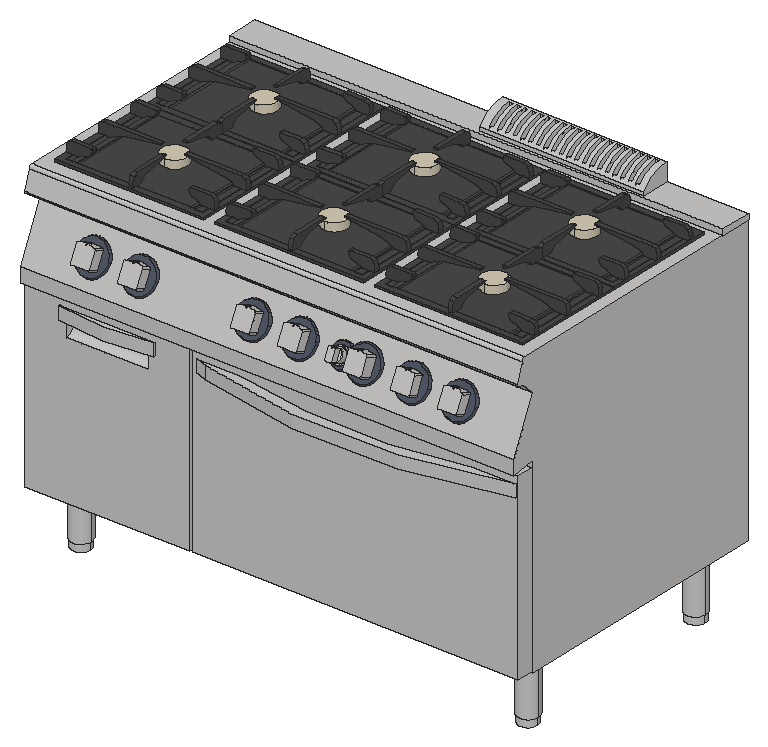
Revit family "QF_ZANUSSI_372005_Z7GCGL6C10", category Specialty Equipment, Revit 2018 (continued)
Lines and regions (mm)
  symbolic lines
    curve 239: line (680.5, -715, 0) -> (751.751, -715, 0)
    curve 240: line (837.75, -715, 0) -> (908.5, -715, 0)
    curve 241: line (954.5, -715, 0) -> (1023.5, -715, 0)
    curve 242: line (1069.5, -715, 0) -> (1200, -715, 0)
    curve 243: arc (634.5, -723.627, 0) -> (609.907, -720.053, 0) -> (585.574, -715, 0) r 411.457
  symbolic lines, style "QF-Clearances", visible <- "Show Clearance", detail levels coarse
    curve 9: line (-150, -715, 150) -> (-150, 150, 150)
    curve 10: line (-150, 150, 150) -> (1350, 150, 150)
    curve 11: line (1350, 150, 150) -> (1350, -715, 150)
  symbolic lines, not visible
    curve 110: line (225.433, -800.018, 0) -> (225.433, -824.365, 0)
    curve 111: arc (225.433, -824.365, 0) -> (225.579, -824.829, 0) -> (225.965, -825.125, 0) r 0.809
    curve 112: arc (225.965, -825.125, 0) -> (227.153, -825.605, 0) -> (228.43, -825.698, 0) r 4.127
    curve 113: arc (225.433, -804.311, 0) -> (220.392, -802.477, 0) -> (215.624, -800.018, 0) r 42.24
    curve 114: arc (225.433, -806.557, 0) -> (225.935, -805.836, 0) -> (226.732, -805.467, 0) r 1.682
    curve 115: arc (226.732, -805.467, 0) -> (237.035, -803.968, 0) -> (247.433, -803.459, 0) r 109.079
    curve 116: line (247.433, -800.018, 0) -> (247.433, -805.689, 0)
    curve 117: line (247.433, -805.689, 0) -> (249.433, -805.689, 0)
    curve 118: line (249.433, -805.689, 0) -> (249.433, -800.018, 0)
    curve 119: line (271.433, -800.018, 0) -> (271.433, -824.365, 0)
    curve 120: arc (271.433, -824.365, 0) -> (271.287, -824.829, 0) -> (270.901, -825.125, 0) r 0.809
    curve 121: arc (270.901, -825.125, 0) -> (269.713, -825.605, 0) -> (268.436, -825.698, 0) r 4.127
    curve 122: arc (271.433, -804.311, 0) -> (276.474, -802.477, 0) -> (281.242, -800.018, 0) r 42.24
    curve 123: arc (271.433, -806.557, 0) -> (270.931, -805.836, 0) -> (270.133, -805.467, 0) r 1.682
    curve 124: arc (270.133, -805.467, 0) -> (259.831, -803.968, 0) -> (249.433, -803.459, 0) r 109.079
    curve 125: line (228.43, -825.698, 0) -> (268.436, -825.698, 0)
  symbolic lines, style "SpecialityEquipment"
    curve 234: line (0, -700, 0) -> (1200, -700, 0)
Dimensions and locks
  equal spacing: plane 3 "LEFT", plane 7 "Center Y", plane 4 "RIGHT"
  "Width": plane 3 "LEFT" to plane 4 "RIGHT"
  equal spacing: plane 5 "FRONT", plane 8 "Center X", plane 1 "BACK"
  "Depth": plane 11 to plane 1 "BACK"
  "Height": plane 6 "TOP" to level
  plane 9 "Base" to level = 150.00 mm
  plane 6 "TOP" to plane 10 = 58.00 mm  (x2)
  plane 1 "BACK" to plane 11 = 715.00 mm
  plane 1 "BACK" to plane 12 = 1109.00 mm
  aligned and locked: level to plane 2
Automatic sketch dimensions
  curve 232 to curve 233 = 0.00 mm  (x2)
  curve 234 to plane 3 "LEFT" = 0.00 mm
  curve 235 to plane 3 "LEFT" = 0.00 mm
  plane 11 to curve 235 = 0.00 mm
  plane 11 to curve 236 = 0.00 mm
  plane 11 to curve 237 = 0.00 mm
  plane 11 to curve 238 = 0.00 mm
  plane 11 to curve 239 = 0.00 mm
  plane 11 to curve 222 = 0.00 mm
  plane 5 "FRONT" to curve 218 = 0.00 mm
  plane 11 to curve 240 = 0.00 mm
  plane 11 to curve 241 = 0.00 mm
  plane 11 to curve 242 = 0.00 mm
  curve 242 to plane 4 "RIGHT" = 0.00 mm
  curve 234 to plane 4 "RIGHT" = 0.00 mm
  plane 8 "Center X" to curve 243 = 35.153 mm
  plane 7 "Center Y" to curve 243 = 81.355 mm
  plane 11 to curve 215 = 9.347 mm
  plane 7 "Center Y" to curve 215 = 191.75 mm
  curve 216 to curve 216 = 0.809 mm
  curve 219 to curve 219 = 1.583 mm
  curve 216 to curve 217 = 1.846 mm
  curve 216 to curve 221 = 2.189 mm
  curve 215 to curve 218 = 11.892 mm
  plane 7 "Center Y" to curve 232 = 204.25 mm
  plane 5 "FRONT" to curve 214 = 5.671 mm
  curve 219 to curve 214 = 20.417 mm
  curve 221 to curve 220 = 19.134 mm
  curve 220 to curve 211 = 1.738 mm
  curve 213 to curve 212 = 2.00 mm
  curve 218 to curve 209 = 22.215 mm
  curve 212 to curve 221 = 19.003 mm
  curve 221 to curve 208 = 0.343 mm
  curve 208 to curve 210 = 1.071 mm
  curve 221 to curve 207 = 2.189 mm
  curve 207 to curve 206 = 0.809 mm
  curve 207 to curve 240 = 9.347 mm
  curve 221 to curve 207 = 1.333 mm
  curve 220 to curve 221 = 86.839 mm
  curve 220 to curve 211 = 0.00 mm
  curve 216 to curve 217 = 2.779 mm
  curve 207 to curve 208 = 2.779 mm
  plane 5 "FRONT" to curve 210 = 7.106 mm
  plane 5 "FRONT" to curve 219 = 7.106 mm
  curve 209 to plane 5 "FRONT" = 36.239 mm
  curve 218 to curve 209 = 0.00 mm
  curve 232 to plane 1 "BACK" = 537.50 mm
  plane 14 to curve 235 = 46.999 mm
  plane 14 to curve 236 = 0.999 mm
  curve 236 to plane 14 = 68.001 mm
  curve 236 to curve 237 = 45.871 mm
  curve 232 to plane 7 "Center Y" = 134.498 mm
  curve 232 to curve 237 = 53.998 mm
  curve 238 to plane 7 "Center Y" = 34.50 mm
  curve 243 to plane 7 "Center Y" = 14.426 mm
  plane 7 "Center Y" to curve 238 = 34.50 mm
  curve 243 to curve 238 = 0.00 mm
  curve 243 to curve 233 = 16.02 mm
  curve 233 to curve 239 = 29.98 mm
  curve 239 to curve 222 = 39.999 mm
  curve 239 to curve 222 = 15.995 mm
  curve 218 to curve 215 = 9.809 mm
  curve 219 to curve 219 = 0.284 mm
  curve 210 to curve 211 = 0.284 mm
  curve 206 to curve 209 = 9.809 mm
  curve 209 to curve 240 = 60.941 mm
  curve 240 to curve 241 = 46.00 mm
  plane 11 to curve 233 = 0.969 mm
  curve 241 to curve 233 = 69.00 mm
  curve 241 to curve 233 = 0.00 mm
  curve 241 to curve 242 = 46.00 mm
  curve 210 to curve 210 = 0.567 mm
  curve 219 to curve 219 = 0.567 mm
  Revolve 1 sketch curve to plane 9 "Base" = 0.00 mm  (x2)
  Revolve 1 sketch curve to level = 0.00 mm
  plane 3 "LEFT" to Revolve 1 sketch curve = 30.60 mm
  Revolve 1 sketch curve to Revolve 1 sketch curve = 2.50 mm
  Revolve 1 sketch curve to Revolve 1 sketch curve = 25.40 mm
  level to Revolve 1 sketch curve = 19.05 mm
  Revolve 1 sketch curve to Revolve 1 sketch curve = 0.00 mm
  plane 9 "Base" to Revolve 1 sketch curve = 20.00 mm
  Revolve 2 sketch curve to plane 9 "Base" = 0.00 mm  (x2)
  Revolve 2 sketch curve to level = 0.00 mm
  plane 3 "LEFT" to Revolve 2 sketch curve = 30.60 mm
  Revolve 2 sketch curve to Revolve 2 sketch curve = 2.50 mm
  Revolve 2 sketch curve to Revolve 2 sketch curve = 25.40 mm
  level to Revolve 2 sketch curve = 19.05 mm
  Revolve 2 sketch curve to Revolve 2 sketch curve = 0.00 mm
  plane 9 "Base" to Revolve 2 sketch curve = 20.00 mm
  Revolve 3 sketch curve to plane 9 "Base" = 0.00 mm  (x2)
  Revolve 3 sketch curve to level = 0.00 mm
  Revolve 3 sketch curve to plane 4 "RIGHT" = 30.60 mm
  Revolve 3 sketch curve to Revolve 3 sketch curve = 2.50 mm
  Revolve 3 sketch curve to Revolve 3 sketch curve = 25.40 mm
  level to Revolve 3 sketch curve = 19.05 mm
  Revolve 3 sketch curve to Revolve 3 sketch curve = 0.00 mm
  plane 9 "Base" to Revolve 3 sketch curve = 20.00 mm
  Revolve 4 sketch curve to plane 9 "Base" = 0.00 mm  (x2)
  Revolve 4 sketch curve to level = 0.00 mm
  Revolve 4 sketch curve to plane 4 "RIGHT" = 30.60 mm
  Revolve 4 sketch curve to Revolve 4 sketch curve = 2.50 mm
  Revolve 4 sketch curve to Revolve 4 sketch curve = 25.40 mm
  level to Revolve 4 sketch curve = 19.05 mm
  Revolve 4 sketch curve to Revolve 4 sketch curve = 0.00 mm
  plane 9 "Base" to Revolve 4 sketch curve = 20.00 mm
  Extrusion 5 sketch curve to plane 11 = 0.00 mm
  Extrusion 5 sketch curve to plane 5 "FRONT" = 0.00 mm
  Extrusion 5 sketch curve to plane 10 = 0.00 mm
  Extrusion 5 sketch curve to plane 9 "Base" = 0.00 mm
  Extrusion 5 sketch curve to plane 1 "BACK" = 0.00 mm
  Extrusion 5 sketch curve to plane 5 "FRONT" = 0.116 mm
  Extrusion 5 sketch curve to Extrusion 5 sketch curve = 2.884 mm
  Extrusion 5 sketch curve to plane 5 "FRONT" = 13.167 mm
  Extrusion 5 sketch curve to Extrusion 5 sketch curve = 10.198 mm
  Extrusion 5 sketch curve to Extrusion 5 sketch curve = 7.474 mm
  plane 9 "Base" to Extrusion 5 sketch curve = 5.00 mm
  Extrusion 5 sketch curve to plane 5 "FRONT" = 40.00 mm
  Extrusion 5 sketch curve to Extrusion 5 sketch curve = 1.355 mm
  Extrusion 5 sketch curve to Extrusion 5 sketch curve = 0.445 mm
  Extrusion 5 sketch curve to Extrusion 5 sketch curve = 5.00 mm
  Extrusion 5 sketch curve to Extrusion 5 sketch curve = 31.82 mm  (x2)
  Extrusion 5 sketch curve to Extrusion 5 sketch curve = 242.526 mm
  Extrusion 5 sketch curve to Extrusion 5 sketch curve = 5.508 mm
  Extrusion 5 sketch curve to Extrusion 5 sketch curve = 10.259 mm
  Extrusion 5 sketch curve to Extrusion 5 sketch curve = 35.00 mm
  Extrusion 5 sketch curve to Extrusion 5 sketch curve = 81.162 mm
  Extrusion 5 sketch curve to Extrusion 5 sketch curve = 3.00 mm
  Extrusion 6 sketch curve to plane 10 = 0.00 mm
  Extrusion 6 sketch curve to plane 1 "BACK" = 0.00 mm
  plane 10 to Extrusion 6 sketch curve = 14.288 mm
  plane 1 "BACK" to Extrusion 6 sketch curve = 76.20 mm
  Extrusion 7 sketch curve to plane 4 "RIGHT" = 52.387 mm
  Extrusion 7 sketch curve to plane 8 "Center X" = 114.00 mm
  Extrusion 8 sketch curve to plane 12 = 0.00 mm
  Extrusion 8 sketch curve to plane 5 "FRONT" = 0.00 mm
  plane 9 "Base" to Extrusion 8 sketch curve = 6.458 mm
  Extrusion 8 sketch curve to plane 5 "FRONT" = 35.998 mm
  plane 9 "Base" to Extrusion 8 sketch curve = 5.00 mm
  plane 11 to curve 11 = 0.00 mm
  curve 3 to plane 4 "RIGHT" = 0.00 mm
  plane 1 "BACK" to curve 92 = 0.00 mm
  plane 11 to curve 245 = 0.00 mm
  plane 12 to curve 245 = 0.00 mm
  plane 11 to curve 244 = 0.00 mm
  curve 1 to plane 3 "LEFT" = 0.00 mm
  plane 11 to curve 9 = 0.00 mm
  plane 11 to curve 1 = 0.00 mm
  plane 11 to curve 3 = 0.00 mm
  plane 4 "RIGHT" to curve 10 = 150.00 mm
  plane 1 "BACK" to curve 60 = 63.911 mm
  curve 60 to plane 4 "RIGHT" = 212.447 mm
  curve 60 to curve 63 = 9.296 mm
  curve 62 to curve 64 = 9.397 mm
  curve 64 to curve 65 = 9.296 mm
  curve 65 to curve 68 = 9.397 mm
  curve 68 to curve 69 = 9.296 mm
  curve 70 to curve 72 = 9.397 mm
  curve 72 to curve 74 = 9.296 mm
  curve 73 to curve 77 = 9.397 mm
  curve 76 to curve 77 = 9.296 mm
  curve 77 to curve 81 = 9.397 mm
  curve 80 to curve 82 = 9.296 mm
  curve 82 to curve 87 = 9.397 mm
  curve 84 to curve 86 = 9.296 mm
  curve 86 to curve 91 = 9.397 mm
  curve 88 to curve 91 = 9.296 mm
  curve 89 to curve 16 = 9.397 mm
  curve 16 to curve 18 = 9.296 mm
  curve 18 to curve 23 = 9.397 mm
  curve 20 to curve 22 = 9.296 mm
  curve 22 to curve 24 = 9.397 mm
  curve 24 to curve 26 = 9.296 mm
  curve 26 to curve 31 = 9.397 mm
  curve 28 to curve 29 = 9.296 mm
  curve 29 to curve 32 = 9.397 mm
  curve 32 to curve 34 = 9.296 mm
  curve 34 to curve 36 = 9.397 mm
  curve 36 to curve 38 = 9.296 mm
  curve 38 to curve 40 = 9.397 mm
  curve 40 to curve 41 = 9.296 mm
  curve 41 to curve 44 = 9.397 mm
  curve 44 to curve 45 = 9.296 mm
  curve 45 to curve 48 = 9.397 mm
  curve 48 to curve 50 = 9.296 mm
  curve 49 to curve 53 = 9.397 mm
  curve 52 to curve 54 = 9.296 mm
  curve 54 to curve 56 = 9.397 mm
  curve 56 to curve 57 = 9.296 mm
  curve 58 to curve 15 = 9.397 mm
  curve 12 to curve 14 = 9.296 mm
  curve 9 to plane 3 "LEFT" = 150.00 mm
  curve 11 to plane 1 "BACK" = 150.00 mm
  plane 1 "BACK" to curve 86 = 6.761 mm
  plane 1 "BACK" to curve 83 = 6.761 mm
  plane 1 "BACK" to curve 88 = 6.761 mm
  plane 1 "BACK" to curve 12 = 6.761 mm
  plane 1 "BACK" to curve 79 = 6.761 mm
  plane 1 "BACK" to curve 16 = 6.761 mm
  plane 1 "BACK" to curve 75 = 6.761 mm
  plane 1 "BACK" to curve 20 = 6.761 mm
  plane 1 "BACK" to curve 71 = 6.761 mm
  plane 1 "BACK" to curve 24 = 6.761 mm
  plane 1 "BACK" to curve 67 = 6.761 mm
  plane 1 "BACK" to curve 28 = 6.761 mm
  plane 1 "BACK" to curve 63 = 6.761 mm
  plane 1 "BACK" to curve 32 = 6.761 mm
  plane 1 "BACK" to curve 59 = 6.761 mm
  plane 1 "BACK" to curve 36 = 6.761 mm
  plane 1 "BACK" to curve 55 = 6.761 mm
  plane 1 "BACK" to curve 40 = 6.761 mm
  plane 1 "BACK" to curve 51 = 6.761 mm
  plane 1 "BACK" to curve 44 = 6.761 mm
  curve 46 to curve 46 = 57.15 mm
  curve 44 to curve 42 = 0.00 mm
  curve 90 to curve 90 = 57.15 mm
  curve 49 to curve 45 = 0.00 mm
  curve 40 to curve 38 = 0.00 mm
  curve 52 to curve 49 = 0.00 mm
  curve 36 to curve 34 = 0.00 mm
  curve 56 to curve 53 = 0.00 mm
  curve 32 to curve 30 = 0.00 mm
  curve 28 to curve 26 = 0.00 mm
  curve 64 to curve 61 = 0.00 mm
  curve 24 to curve 22 = 0.00 mm
  curve 68 to curve 65 = 0.00 mm
  curve 20 to curve 18 = 0.00 mm
  curve 72 to curve 69 = 0.00 mm
  curve 14 to curve 57 = 0.00 mm
  curve 76 to curve 73 = 0.00 mm
  curve 80 to curve 77 = 0.00 mm
  curve 88 to curve 86 = 0.00 mm
  curve 92 to curve 60 = 14.847 mm
  plane 7 "Center Y" to curve 93 = 2.40 mm
  curve 245 to plane 7 "Center Y" = 191.50 mm
  curve 245 to curve 244 = 8.00 mm
  curve 7 to curve 5 = 69.85 mm
  curve 5 to curve 6 = 6.35 mm
  plane 1 "BACK" to Extrusion 9 sketch curve = 63.911 mm  (x2)
  Extrusion 9 sketch curve to plane 4 "RIGHT" = 212.447 mm
  Extrusion 9 sketch curve to Extrusion 9 sketch curve = 9.296 mm  (x20)
  Extrusion 9 sketch curve to Extrusion 9 sketch curve = 9.397 mm  (x19)
  Extrusion 9 sketch curve to Extrusion 9 sketch curve = 0.00 mm  (x18)
  plane 1 "BACK" to Extrusion 9 sketch curve = 6.761 mm  (x20)
  Extrusion 10 sketch curve to plane 1 "BACK" = 0.00 mm
  Extrusion 10 sketch curve to plane 6 "TOP" = 0.00 mm
  plane 1 "BACK" to Extrusion 10 sketch curve = 1.769 mm
  plane 10 to Extrusion 10 sketch curve = 23.813 mm
  plane 1 "BACK" to Extrusion 10 sketch curve = 69.85 mm
  plane 10 to Extrusion 10 sketch curve = 14.288 mm
  Blend 11 sketch curve to plane 7 "Center Y" = 57.50 mm  (x2)
  Extrusion 12 sketch curve to plane 7 "Center Y" = 80.50 mm
  Extrusion 12 sketch curve to Extrusion 12 sketch curve = 2.997 mm  (x3)
  Extrusion 12 sketch curve to Extrusion 12 sketch curve = 20.003 mm  (x2)
  Extrusion 12 sketch curve to plane 7 "Center Y" = 37.497 mm
  Extrusion 12 sketch curve to Extrusion 12 sketch curve = 5.399 mm
  Extrusion 12 sketch curve to Extrusion 12 sketch curve = 40.037 mm
  Extrusion 12 sketch curve to Extrusion 12 sketch curve = 0.00 mm  (x2)
  plane 13 "panel" to Extrusion 13 sketch curve = 35.00 mm
  plane 5 "FRONT" to Extrusion 13 sketch curve = 5.671 mm
  Extrusion 13 sketch curve to Extrusion 13 sketch curve = 3.00 mm
  Extrusion 13 sketch curve to Extrusion 13 sketch curve = 0.00 mm  (x2)
  Extrusion 13 sketch curve to Extrusion 13 sketch curve = 1.00 mm
  Extrusion 13 sketch curve to Extrusion 13 sketch curve = 15.00 mm
  Extrusion 14 sketch curve to plane 7 "Center Y" = 75.00 mm
  Extrusion 14 sketch curve to Extrusion 14 sketch curve = 35.00 mm  (x2)
  plane 13 "panel" to Extrusion 15 sketch curve = 35.00 mm
  plane 5 "FRONT" to Extrusion 15 sketch curve = 5.671 mm
  Extrusion 15 sketch curve to Extrusion 15 sketch curve = 3.00 mm
  Extrusion 15 sketch curve to Extrusion 15 sketch curve = 0.00 mm
  Extrusion 15 sketch curve to Extrusion 15 sketch curve = 1.00 mm  (x2)
  Extrusion 15 sketch curve to Extrusion 15 sketch curve = 15.00 mm
  plane 7 "Center Y" to Extrusion 16 sketch curve = 75.00 mm
  Extrusion 16 sketch curve to Extrusion 16 sketch curve = 35.00 mm  (x2)
  plane 7 "Center Y" to Blend 17 sketch curve = 57.50 mm  (x2)
  plane 7 "Center Y" to Extrusion 18 sketch curve = 80.50 mm
  Extrusion 18 sketch curve to Extrusion 18 sketch curve = 2.997 mm  (x3)
  Extrusion 18 sketch curve to Extrusion 18 sketch curve = 20.003 mm  (x2)
  plane 7 "Center Y" to Extrusion 18 sketch curve = 37.497 mm
  Extrusion 18 sketch curve to Extrusion 18 sketch curve = 0.00 mm  (x2)
  Extrusion 18 sketch curve to Extrusion 18 sketch curve = 40.037 mm
  Extrusion 18 sketch curve to Extrusion 18 sketch curve = 5.399 mm
  Split face 2 sketch curve to Split face 2 sketch curve = 6.00 mm
  Split face 2 sketch curve to Split face 2 sketch curve = 10.00 mm
  Split face 3 sketch curve to Split face 3 sketch curve = 5.00 mm
  Split face 3 sketch curve to Split face 3 sketch curve = 9.00 mm
  Split face 4 sketch curve to Split face 4 sketch curve = 5.00 mm
  Split face 5 sketch curve to Split face 5 sketch curve = 5.00 mm
  Split face 6 sketch curve to Split face 6 sketch curve = 6.00 mm
  Split face 6 sketch curve to Split face 6 sketch curve = 10.00 mm
  Split face 7 sketch curve to Split face 7 sketch curve = 5.00 mm
  Split face 7 sketch curve to Split face 7 sketch curve = 9.00 mm
  Split face 8 sketch curve to Split face 8 sketch curve = 5.00 mm
  Split face 9 sketch curve to Split face 9 sketch curve = 5.00 mm
  plane 7 "Center Y" to Blend 19 sketch curve = 161.75 mm  (x2)
  Blend 19 sketch curve to Blend 19 sketch curve = 53.00 mm  (x2)
  Blend 19 sketch curve to Blend 19 sketch curve = 0.00 mm  (x2)
  Blend 19 sketch curve to Blend 19 sketch curve = 17.95 mm
  Blend 19 sketch curve to Blend 19 sketch curve = 24.037 mm
  Blend 19 sketch curve to Blend 19 sketch curve = 18.422 mm
  Blend 19 sketch curve to Blend 19 sketch curve = 21.086 mm
  plane 7 "Center Y" to Extrusion 20 sketch curve = 159.749 mm
  plane 13 "panel" to Extrusion 21 sketch curve = 40.00 mm
  plane 7 "Center Y" to Extrusion 21 sketch curve = 142.857 mm
  Extrusion 21 sketch curve to Extrusion 21 sketch curve = 6.058 mm
  Extrusion 21 sketch curve to Extrusion 21 sketch curve = 0.01 mm  (x4)
  Extrusion 21 sketch curve to Extrusion 21 sketch curve = 8.895 mm  (x2)
  Extrusion 21 sketch curve to Extrusion 21 sketch curve = 15.995 mm
  Extrusion 21 sketch curve to Extrusion 21 sketch curve = 2.827 mm
  Extrusion 21 sketch curve to Extrusion 21 sketch curve = 15.163 mm
  Extrusion 21 sketch curve to Extrusion 21 sketch curve = 0.00 mm
  Extrusion 21 sketch curve to Extrusion 21 sketch curve = 15.173 mm
  plane 7 "Center Y" to Extrusion 22 sketch curve = 191.75 mm
  Extrusion 22 sketch curve to Extrusion 22 sketch curve = 2.997 mm  (x3)
  Extrusion 22 sketch curve to Extrusion 22 sketch curve = 20.003 mm  (x2)
  Extrusion 22 sketch curve to Extrusion 22 sketch curve = 40.005 mm
  Extrusion 22 sketch curve to Extrusion 22 sketch curve = 5.399 mm
  Extrusion 22 sketch curve to Extrusion 22 sketch curve = 40.037 mm
  Extrusion 22 sketch curve to Extrusion 22 sketch curve = 0.00 mm  (x2)
  Split face 43 sketch curve to Split face 43 sketch curve = 2.545 mm
  Split face 43 sketch curve to Split face 43 sketch curve = 4.379 mm
  Blend 23 sketch curve to plane 4 "RIGHT" = 268.50 mm  (x2)
  Extrusion 24 sketch curve to plane 4 "RIGHT" = 291.50 mm
  Extrusion 24 sketch curve to Extrusion 24 sketch curve = 2.997 mm  (x3)
  Extrusion 24 sketch curve to Extrusion 24 sketch curve = 20.003 mm  (x2)
  Extrusion 24 sketch curve to Extrusion 24 sketch curve = 40.005 mm
  Extrusion 24 sketch curve to Extrusion 24 sketch curve = 5.399 mm
  Extrusion 24 sketch curve to Extrusion 24 sketch curve = 40.037 mm
  Extrusion 24 sketch curve to Extrusion 24 sketch curve = 0.00 mm  (x2)
  plane 13 "panel" to Extrusion 25 sketch curve = 35.00 mm
  plane 5 "FRONT" to Extrusion 25 sketch curve = 5.671 mm
  Extrusion 25 sketch curve to Extrusion 25 sketch curve = 3.00 mm
  Extrusion 25 sketch curve to Extrusion 25 sketch curve = 0.00 mm  (x2)
  Extrusion 25 sketch curve to Extrusion 25 sketch curve = 1.00 mm
  Extrusion 25 sketch curve to Extrusion 25 sketch curve = 15.00 mm
  Extrusion 26 sketch curve to plane 4 "RIGHT" = 286.00 mm
  Extrusion 26 sketch curve to Extrusion 26 sketch curve = 35.00 mm  (x2)
  plane 13 "panel" to Extrusion 27 sketch curve = 35.00 mm
  plane 5 "FRONT" to Extrusion 27 sketch curve = 5.671 mm
  Extrusion 27 sketch curve to Extrusion 27 sketch curve = 3.00 mm
  Extrusion 27 sketch curve to Extrusion 27 sketch curve = 0.00 mm
  Extrusion 27 sketch curve to Extrusion 27 sketch curve = 1.00 mm  (x2)
  Extrusion 27 sketch curve to Extrusion 27 sketch curve = 15.00 mm
  Extrusion 28 sketch curve to plane 4 "RIGHT" = 136.00 mm
  Extrusion 28 sketch curve to Extrusion 28 sketch curve = 35.00 mm  (x2)
  Blend 29 sketch curve to plane 4 "RIGHT" = 153.50 mm  (x2)
  Extrusion 30 sketch curve to plane 4 "RIGHT" = 130.50 mm
  Extrusion 30 sketch curve to Extrusion 30 sketch curve = 2.997 mm  (x3)
  Extrusion 30 sketch curve to Extrusion 30 sketch curve = 20.003 mm  (x2)
  Extrusion 30 sketch curve to Extrusion 30 sketch curve = 40.005 mm
  Extrusion 30 sketch curve to Extrusion 30 sketch curve = 0.00 mm  (x2)
  Extrusion 30 sketch curve to Extrusion 30 sketch curve = 40.037 mm
  Extrusion 30 sketch curve to Extrusion 30 sketch curve = 5.399 mm
  Split face 45 sketch curve to Split face 45 sketch curve = 6.00 mm
  Split face 45 sketch curve to Split face 45 sketch curve = 10.00 mm
  Split face 46 sketch curve to Split face 46 sketch curve = 5.00 mm
  Split face 46 sketch curve to Split face 46 sketch curve = 9.00 mm
  Split face 47 sketch curve to Split face 47 sketch curve = 5.00 mm
  Split face 48 sketch curve to Split face 48 sketch curve = 5.00 mm
  Split face 49 sketch curve to Split face 49 sketch curve = 6.00 mm
  Split face 49 sketch curve to Split face 49 sketch curve = 10.00 mm
  Split face 50 sketch curve to Split face 50 sketch curve = 5.00 mm
  Split face 50 sketch curve to Split face 50 sketch curve = 9.00 mm
  Split face 51 sketch curve to Split face 51 sketch curve = 5.00 mm
  Split face 52 sketch curve to Split face 52 sketch curve = 5.00 mm
  plane 14 to Blend 31 sketch curve = 23.999 mm  (x2)
  plane 14 to Extrusion 32 sketch curve = 46.999 mm
  Extrusion 32 sketch curve to Extrusion 32 sketch curve = 2.997 mm  (x2)
  Extrusion 32 sketch curve to Extrusion 32 sketch curve = 20.003 mm
  plane 14 to Extrusion 32 sketch curve = 3.996 mm  (x2)
  plane 14 to Extrusion 32 sketch curve = 0.999 mm
  Extrusion 32 sketch curve to Extrusion 32 sketch curve = 5.399 mm
  Extrusion 32 sketch curve to Extrusion 32 sketch curve = 40.037 mm
  Extrusion 32 sketch curve to Extrusion 32 sketch curve = 0.00 mm  (x2)
  plane 13 "panel" to Extrusion 33 sketch curve = 35.00 mm
  plane 5 "FRONT" to Extrusion 33 sketch curve = 5.671 mm
  Extrusion 33 sketch curve to Extrusion 33 sketch curve = 3.00 mm
  Extrusion 33 sketch curve to Extrusion 33 sketch curve = 0.00 mm  (x2)
  Extrusion 33 sketch curve to Extrusion 33 sketch curve = 1.00 mm
  Extrusion 33 sketch curve to Extrusion 33 sketch curve = 15.00 mm
  plane 14 to Extrusion 34 sketch curve = 41.499 mm
  plane 14 to Extrusion 34 sketch curve = 6.499 mm
  Extrusion 34 sketch curve to Extrusion 34 sketch curve = 35.00 mm
  plane 13 "panel" to Extrusion 35 sketch curve = 35.00 mm
  plane 5 "FRONT" to Extrusion 35 sketch curve = 5.671 mm
  Extrusion 35 sketch curve to Extrusion 35 sketch curve = 3.00 mm
  Extrusion 35 sketch curve to Extrusion 35 sketch curve = 0.00 mm
  Extrusion 35 sketch curve to Extrusion 35 sketch curve = 1.00 mm  (x2)
  Extrusion 35 sketch curve to Extrusion 35 sketch curve = 15.00 mm
  Extrusion 36 sketch curve to plane 14 = 108.501 mm
  Extrusion 36 sketch curve to Extrusion 36 sketch curve = 35.00 mm  (x2)
  Blend 37 sketch curve to plane 14 = 91.001 mm  (x2)
  Extrusion 38 sketch curve to plane 14 = 114.001 mm
  Extrusion 38 sketch curve to Extrusion 38 sketch curve = 2.997 mm  (x3)
  Extrusion 38 sketch curve to Extrusion 38 sketch curve = 20.003 mm  (x2)
  Extrusion 38 sketch curve to Extrusion 38 sketch curve = 40.005 mm
  Extrusion 38 sketch curve to Extrusion 38 sketch curve = 0.00 mm  (x2)
  Extrusion 38 sketch curve to Extrusion 38 sketch curve = 40.037 mm
  Extrusion 38 sketch curve to Extrusion 38 sketch curve = 5.399 mm
  Split face 61 sketch curve to Split face 61 sketch curve = 6.00 mm
  Split face 61 sketch curve to Split face 61 sketch curve = 10.00 mm
  Split face 62 sketch curve to Split face 62 sketch curve = 5.00 mm
  Split face 62 sketch curve to Split face 62 sketch curve = 9.00 mm
  Split face 63 sketch curve to Split face 63 sketch curve = 5.00 mm
  Split face 64 sketch curve to Split face 64 sketch curve = 5.00 mm
  Split face 65 sketch curve to Split face 65 sketch curve = 6.00 mm
  Split face 65 sketch curve to Split face 65 sketch curve = 10.00 mm
  Split face 66 sketch curve to Split face 66 sketch curve = 5.00 mm
  Split face 66 sketch curve to Split face 66 sketch curve = 9.00 mm
  Split face 67 sketch curve to Split face 67 sketch curve = 5.00 mm
  Split face 68 sketch curve to Split face 68 sketch curve = 5.00 mm
  plane 7 "Center Y" to Extrusion 39 sketch curve = 159.749 mm
  Extrusion 40 sketch curve to Extrusion 40 sketch curve = 0.00 mm  (x6)
  plane 5 "FRONT" to Extrusion 40 sketch curve = 0.00 mm  (x2)
  Extrusion 40 sketch curve to plane 4 "RIGHT" = 5.75 mm
  Extrusion 40 sketch curve to Extrusion 40 sketch curve = 93.605 mm
  plane 7 "Center Y" to Extrusion 40 sketch curve = 204.25 mm
  Extrusion 40 sketch curve to plane 1 "BACK" = 537.50 mm
  Extrusion 40 sketch curve to plane 11 = 4.65 mm
  plane 5 "FRONT" to Extrusion 41 sketch curve = 0.00 mm
  Extrusion 41 sketch curve to plane 14 = 138.301 mm
  Extrusion 41 sketch curve to plane 14 = 23.028 mm
  plane 3 "LEFT" to Extrusion 41 sketch curve = 85.253 mm
  plane 1 "BACK" to Extrusion 41 sketch curve = 105.503 mm
  plane 5 "FRONT" to Extrusion 41 sketch curve = 4.00 mm
  plane 5 "FRONT" to curve 230 = 0.00 mm
  plane 5 "FRONT" to curve 226 = 0.00 mm
  plane 5 "FRONT" to curve 225 = 0.00 mm
  plane 5 "FRONT" to curve 229 = 0.00 mm
  plane 11 to curve 224 = 11.999 mm
  plane 7 "Center Y" to curve 224 = 167.747 mm
  curve 231 to plane 5 "FRONT" = 1.915 mm
  curve 224 to curve 231 = 7.998 mm
  plane 11 to curve 223 = 11.999 mm
  curve 227 to curve 227 = 2.259 mm
  curve 226 to curve 227 = 0.319 mm
  curve 226 to curve 224 = 3.717 mm
  curve 227 to curve 226 = 1.423 mm
  curve 230 to curve 226 = 4.288 mm
  curve 226 to curve 231 = 0.001 mm
  curve 226 to curve 225 = 0.001 mm
  plane 11 to curve 228 = 0.716 mm
  curve 228 to curve 228 = 0.865 mm
  curve 228 to plane 11 = 1.976 mm
  curve 228 to curve 225 = 0.141 mm
  curve 223 to curve 225 = 3.718 mm
  curve 226 to curve 225 = 0.00 mm
  plane 5 "FRONT" to curve 224 = 1.224 mm
  plane 5 "FRONT" to curve 223 = 1.224 mm
  plane 5 "FRONT" to curve 229 = 4.847 mm
  curve 231 to curve 225 = 6.762 mm
  curve 229 to curve 226 = 0.003 mm
  plane 5 "FRONT" to curve 230 = 4.85 mm
  curve 226 to curve 227 = 0.047 mm
  Extrusion 42 sketch curve to plane 5 "FRONT" = 0.00 mm
  Extrusion 42 sketch curve to plane 12 = 0.074 mm
  plane 9 "Base" to Extrusion 42 sketch curve = 6.464 mm
  Extrusion 42 sketch curve to plane 5 "FRONT" = 36.072 mm
  plane 9 "Base" to Extrusion 42 sketch curve = 5.00 mm
  Extrusion 43 sketch curve to plane 5 "FRONT" = 0.00 mm
  plane 5 "FRONT" to Extrusion 43 sketch curve = 2.777 mm
  Extrusion 43 sketch curve to plane 5 "FRONT" = 21.853 mm
  Extrusion 43 sketch curve to plane 10 = 334.95 mm
  Extrusion 43 sketch curve to Extrusion 43 sketch curve = 26.327 mm
  plane 9 "Base" to Extrusion 44 sketch curve = 5.00 mm
  Extrusion 44 sketch curve to plane 7 "Center Y" = 199.50 mm
  Extrusion 44 sketch curve to Extrusion 44 sketch curve = 8.00 mm
  Extrusion 44 sketch curve to plane 10 = 250.00 mm
  plane 13 "panel" to Extrusion 45 sketch curve = 35.00 mm
  plane 5 "FRONT" to Extrusion 45 sketch curve = 5.671 mm
  Extrusion 45 sketch curve to Extrusion 45 sketch curve = 3.00 mm
  Extrusion 45 sketch curve to Extrusion 45 sketch curve = 0.00 mm  (x2)
  Extrusion 45 sketch curve to Extrusion 45 sketch curve = 1.00 mm
  Extrusion 45 sketch curve to Extrusion 45 sketch curve = 15.00 mm
  plane 13 "panel" to Extrusion 46 sketch curve = 41.00 mm
  plane 11 to Extrusion 46 sketch curve = 1.082 mm
  Extrusion 46 sketch curve to Extrusion 46 sketch curve = 3.00 mm
  Extrusion 46 sketch curve to Extrusion 46 sketch curve = 0.00 mm  (x2)
  Extrusion 46 sketch curve to Extrusion 46 sketch curve = 1.00 mm
  Extrusion 46 sketch curve to Extrusion 46 sketch curve = 15.00 mm
  radius of Extrusion 7 sketch curve = 6.35 mm
  radius of Blend 11 sketch curve = 42.50 mm
  radius of Blend 11 sketch curve = 40.50 mm
  radius of Split face 1 sketch curve = 3.00 mm
  radius of Blend 17 sketch curve = 42.50 mm
  radius of Blend 17 sketch curve = 40.50 mm
  radius of Split face 10 sketch curve = 1.50 mm
  radius of Split face 11 sketch curve = 2.029 mm
  radius of Split face 12 sketch curve = 2.031 mm
  radius of Split face 13 sketch curve = 3.497 mm
  radius of Split face 14 sketch curve = 3.497 mm
  radius of Split face 15 sketch curve = 3.00 mm
  radius of Split face 16 sketch curve = 1.50 mm
  radius of Extrusion 20 sketch curve = 20.00 mm
  radius of Split face 17 sketch curve = 1.00 mm
  radius of Split face 18 sketch curve = 1.00 mm
  radius of Split face 19 sketch curve = 1.00 mm
  radius of Split face 20 sketch curve = 1.00 mm
  radius of Split face 21 sketch curve = 1.00 mm
  radius of Split face 22 sketch curve = 1.00 mm
  radius of Split face 23 sketch curve = 1.00 mm
  radius of Split face 24 sketch curve = 1.00 mm
  radius of Split face 25 sketch curve = 1.00 mm
  radius of Split face 26 sketch curve = 1.00 mm
  radius of Split face 27 sketch curve = 1.00 mm
  radius of Split face 28 sketch curve = 1.00 mm
  radius of Split face 29 sketch curve = 1.00 mm
  radius of Split face 30 sketch curve = 1.00 mm
  radius of Split face 31 sketch curve = 1.00 mm
  radius of Split face 32 sketch curve = 1.00 mm
  radius of Split face 33 sketch curve = 1.00 mm
  radius of Split face 34 sketch curve = 1.00 mm
  radius of Split face 35 sketch curve = 1.00 mm
  radius of Split face 36 sketch curve = 1.00 mm
  radius of Split face 37 sketch curve = 1.00 mm
  radius of Split face 38 sketch curve = 1.00 mm
  radius of Split face 39 sketch curve = 1.00 mm
  radius of Split face 40 sketch curve = 1.00 mm
  radius of Split face 41 sketch curve = 1.508 mm
  radius of Split face 42 sketch curve = 1.343 mm
  radius of Blend 23 sketch curve = 42.50 mm
  radius of Blend 23 sketch curve = 40.50 mm
  radius of Split face 44 sketch curve = 3.00 mm
  radius of Blend 29 sketch curve = 42.50 mm
  radius of Blend 29 sketch curve = 40.50 mm
  radius of Split face 53 sketch curve = 1.50 mm
  radius of Split face 54 sketch curve = 2.029 mm
  radius of Split face 55 sketch curve = 2.031 mm
  radius of Split face 56 sketch curve = 3.497 mm
  radius of Split face 57 sketch curve = 3.497 mm
  radius of Split face 58 sketch curve = 3.00 mm
  radius of Split face 59 sketch curve = 1.50 mm
  radius of Blend 31 sketch curve = 42.50 mm
  radius of Blend 31 sketch curve = 40.50 mm
  radius of Split face 60 sketch curve = 3.00 mm
  radius of Blend 37 sketch curve = 42.50 mm
  radius of Blend 37 sketch curve = 40.50 mm
  radius of Split face 69 sketch curve = 1.50 mm
  radius of Split face 70 sketch curve = 2.029 mm
  radius of Split face 71 sketch curve = 2.031 mm
  radius of Split face 72 sketch curve = 3.497 mm
  radius of Split face 73 sketch curve = 3.497 mm
  radius of Split face 74 sketch curve = 3.00 mm
  radius of Split face 75 sketch curve = 1.50 mm
  radius of Extrusion 39 sketch curve = 16.00 mm
Nested families
  nested 1: "QF_372005_BURNER" at (23.5, -5, 0), type "QF_372005_BURNER"
    with Type Mark "", Status "", Specification by User "", Revision Code "", Item Number "", Installed By "", Identify Quantity as Lot yes, Furnished By "", Foodservice Equipment Identifier yes
  nested 2: "QF_372005_BURNER" at (23.5, -739.127, 0), type "QF_372005_BURNER"
    with Type Mark "", Status "", Specification by User "", Revision Code "", Item Number "", Installed By "", Identify Quantity as Lot yes, Furnished By "", Foodservice Equipment Identifier yes
  nested 3: "QF_372005_BURNER" at (412.5, -5, 0), type "QF_372005_BURNER"
    with Type Mark "", Status "", Specification by User "", Revision Code "", Item Number "", Installed By "", Identify Quantity as Lot yes, Furnished By "", Foodservice Equipment Identifier yes
  nested 4: "QF_372005_BURNER" at (412.5, -739.127, 0), type "QF_372005_BURNER"
    with Type Mark "", Status "", Specification by User "", Revision Code "", Item Number "", Installed By "", Identify Quantity as Lot yes, Furnished By "", Foodservice Equipment Identifier yes
  nested 5: "QF_372005_BURNER" at (1176.5, -5, 0) x (-1, 0, 0) z (0, 0, 1), type "QF_372005_BURNER"
    with Type Mark "", Status "", Specification by User "", Revision Code "", Item Number "", Installed By "", Identify Quantity as Lot yes, Furnished By "", Foodservice Equipment Identifier yes
  nested 6: "QF_372005_BURNER" at (1176.5, -739.127, 0) x (-1, 0, 0) z (0, 0, 1), type "QF_372005_BURNER"
    with Type Mark "", Status "", Specification by User "", Revision Code "", Item Number "", Installed By "", Identify Quantity as Lot yes, Furnished By "", Foodservice Equipment Identifier yes
Connectors
  piping at (1147.613, -464, 141.185), diameter 12.8
    settings: on Extrusion 7, index 1, connector inside diameter 0.50394", connector length 0.00 mm, flow factor 0, pipe flow 0 GPM, pressure drop 0.00 psi, fitting loss kfactor 0, connector angle 0.00°, fixture units 0, engagement length 0.00 mm, angle of deflection 0.00°, flow configuration 1, flow direction 1, fitting loss method 0, system type 7, joint type 0, gender type 0, connector reference index -1, connector utility 0, adjustable connector no, is connector primary yes, connector description "Gas Inlet"
Definition of nested family "QF_372005_BURNER"
  Parameters
    Weight in Pounds = 0
    URL Cutsheet = ""
    URL = "www.electrolux.com"
    Type Mark [instance] = ""
    Status [instance] = ""
    Specification by User [instance] = ""
    Specification by Manufacturer = ""
    Serial Number = ""
    Seismic Rating = ""
    SMACNA No = ""
    Revision Code [instance] = ""
    Omniclass Number and Title = ""
    NAFEM Spec ID Number = ""
    Model = "371009"
    Masterspec = ""
    Manufacturer = "ELECTROLUX"
    Item Number [instance] = ""
    Installed By [instance] = ""
    Identify Quantity as Lot [instance] = yes
    Furnished By [instance] = ""
    Foodservice Equipment Identifier [instance] = yes
    Description = ""
    CSI MasterFormat = ""
    CSI Master Format = ""
  Reference planes
    plane 1 "BACK": y = 0
    plane 2: z = 0
    plane 3 "LEFT": x = 0
    plane 4 "RIGHT": x = 800
    plane 5 "FRONT": y = -700
    plane 6 "TOP": z = 908.85
    plane 7 "Center Y": x = 400
    plane 8 "Center X": y = -350
    plane 9 "Base": z = 150
    plane 10: z = 850.85
  Forms (mm)
    Extrusion 1, solid
      sketch origin (0, -734.127, 5) x (1, 0, 0) y (0, 0, -1)
        loop
          arc (7.142, -850.85) -> (6.739, -862.989) -> (9.761, -874.752) r 42.809
          line (9.761, -874.752) -> (19.961, -879.425) -> (157.339, -879.425)
          arc (157.339, -879.425) -> (158.533, -878.312) -> (157.506, -877.043) r 1.197
          line (157.506, -877.043) -> (64.848, -864.021)
          arc (64.848, -864.021) -> (50.111, -858.738) -> (36.589, -850.85) r 85.245
          line (36.589, -850.85) -> (7.142, -850.85)
        loop
          line (367.858, -850.85) -> (338.411, -850.85)
          arc (338.411, -850.85) -> (324.889, -858.738) -> (310.152, -864.021) r 85.245
          line (310.152, -864.021) -> (217.494, -877.043)
          arc (217.494, -877.043) -> (216.467, -878.312) -> (217.661, -879.425) r 1.197
          line (217.661, -879.425) -> (355.039, -879.425) -> (365.239, -874.752)
          arc (365.239, -874.752) -> (368.261, -862.989) -> (367.858, -850.85) r 42.809
      from 224.564 to 234.564
    Extrusion 2, solid
      sketch origin (0, -734.127, 5) x (1, 0, 0) y (0, 0, -1)
        loop
          arc (7.056, -850.85) -> (6.705, -862.948) -> (9.748, -874.663) r 42.876
          line (9.748, -874.663) -> (19.961, -879.425) -> (65.851, -879.425)
          arc (65.851, -879.425) -> (68.577, -878.352) -> (69.841, -875.709) r 4
          arc (69.841, -875.709) -> (68.75, -869.25) -> (64.816, -864.012) r 13.87
          arc (64.816, -864.012) -> (50.096, -858.731) -> (36.589, -850.85) r 85.245
          line (36.589, -850.85) -> (7.056, -850.85)
        loop
          line (367.944, -850.85) -> (338.411, -850.85)
          arc (338.411, -850.85) -> (324.904, -858.731) -> (310.184, -864.012) r 85.245
          arc (310.184, -864.012) -> (306.25, -869.25) -> (305.159, -875.709) r 13.87
          arc (305.159, -875.709) -> (306.423, -878.352) -> (309.149, -879.425) r 4
          line (309.149, -879.425) -> (355.039, -879.425) -> (365.252, -874.663)
          arc (365.252, -874.663) -> (368.295, -862.948) -> (367.944, -850.85) r 42.876
      from 127.064 to 137.064
    Extrusion 3, solid
      sketch origin (0, -275, 5) x (1, 0, 0) y (0, 0, 1)
        loop
          arc (64.816, 864.012) -> (68.75, 869.25) -> (69.841, 875.709) r 13.87
          arc (69.841, 875.709) -> (68.577, 878.352) -> (65.851, 879.425) r 4
          line (65.851, 879.425) -> (19.961, 879.425) -> (9.748, 874.663)
          arc (9.748, 874.663) -> (6.705, 862.948) -> (7.056, 850.85) r 42.876
          line (7.056, 850.85) -> (36.589, 850.85)
          arc (36.589, 850.85) -> (50.096, 858.731) -> (64.816, 864.012) r 85.245
        loop
          arc (310.184, 864.012) -> (324.904, 858.731) -> (338.411, 850.85) r 85.245
          line (338.411, 850.85) -> (367.944, 850.85)
          arc (367.944, 850.85) -> (368.295, 862.948) -> (365.252, 874.663) r 42.876
          line (365.252, 874.663) -> (355.039, 879.425) -> (309.149, 879.425)
          arc (309.149, 879.425) -> (306.423, 878.352) -> (305.159, 875.709) r 4
          arc (305.159, 875.709) -> (306.25, 869.25) -> (310.184, 864.012) r 13.87
      from 127.064 to 137.064
    Extrusion 4, solid
      sketch origin (454.964, -29.48, 5) x (0, -1, 0) y (0, 0, 1)
        loop
          arc (366.649, 850.85) -> (375.927, 861.743) -> (389.337, 866.736) r 28.426
          line (389.337, 866.736) -> (441.256, 877.043)
          arc (441.256, 877.043) -> (442.283, 878.312) -> (441.089, 879.425) r 1.197
          line (441.089, 879.425) -> (347.797, 879.425)
          arc (347.797, 879.425) -> (343.211, 875.934) -> (337.583, 874.694) r 13.39
          line (337.583, 874.694) -> (337.583, 850.85) -> (366.649, 850.85)
        loop
          arc (606.236, 850.85) -> (606.587, 862.948) -> (603.543, 874.663) r 42.876
          line (603.543, 874.663) -> (593.33, 879.425) -> (509.077, 879.425)
          arc (509.077, 879.425) -> (507.883, 878.312) -> (508.911, 877.043) r 1.197
          line (508.911, 877.043) -> (560.83, 866.736)
          arc (560.83, 866.736) -> (574.239, 861.743) -> (583.518, 850.85) r 28.426
          line (583.518, 850.85) -> (606.236, 850.85)
      from 262.464 to 272.464
    Extrusion 5, solid
      sketch origin (0, 0, 850.85) x (0, -1, 0) y (1, 0, 0)
        loop
          line (642.216, 6.433) -> (642.216, 368.567) -> (367.857, 368.567) -> (367.857, 6.433) -> (642.216, 6.433)
        loop
          line (382.857, 21.433) -> (627.216, 21.433) -> (627.216, 353.567) -> (382.857, 353.567) -> (382.857, 21.433)
      from 0 to 5
    Extrusion 6, solid
      sketch origin (-12.5, 0, 855.85) x (0, -1, 0) y (1, 0, 0)
        loop
          circle (504.356, 200) r 30
      from -1.321 to 17.134
    Extrusion 7, solid
      sketch origin (0, -734.127, 0) x (1, 0, 0) y (0, 0, -1)
        loop
          line (21.433, -855.85) -> (36.589, -855.85)
          arc (36.589, -855.85) -> (40.561, -855.243) -> (44.305, -853.783) r 18.259
          arc (44.305, -853.783) -> (45.997, -853.366) -> (47.69, -853.783) r 3.649
          arc (47.69, -853.783) -> (49.901, -854.522) -> (52.232, -854.529) r 7.328
          line (52.232, -854.529) -> (322.768, -854.529)
          arc (322.768, -854.529) -> (325.099, -854.522) -> (327.31, -853.783) r 7.328
          arc (327.31, -853.783) -> (329.003, -853.366) -> (330.695, -853.783) r 3.649
          arc (330.695, -853.783) -> (334.439, -855.243) -> (338.411, -855.85) r 18.259
          line (338.411, -855.85) -> (353.567, -855.85) -> (353.567, -850.85) -> (21.433, -850.85) -> (21.433, -855.85)
      from 106.911 to 351.27
  Lines and regions (mm)
    symbolic lines
      curve 1: line (6.433, -642.216, 150) -> (368.567, -642.216, 150)
      curve 2: line (6.433, -367.857, 150) -> (6.433, -642.216, 150)
      curve 3: line (368.567, -367.857, 150) -> (192.5, -367.857, 150)
      curve 4: line (368.567, -642.216, 150) -> (368.567, -367.857, 150)
      curve 5: line (353.567, -382.857, 150) -> (192.5, -382.857, 150)
      curve 6: line (353.567, -627.216, 150) -> (353.567, -607.064, 150)
      curve 7: line (21.433, -627.216, 150) -> (182.5, -627.216, 150)
      curve 8: line (21.433, -382.857, 150) -> (21.433, -402.064, 150)
      curve 9: line (52.232, -627.216, 150) -> (52.232, -607.064, 150)
      curve 10: line (322.567, -382.857, 150) -> (322.567, -402.064, 150)
      curve 11: line (148.125, -499.564, 150) -> (148.125, -382.857, 150)
      curve 12: line (154.375, -382.857, 150) -> (154.375, -499.564, 150)
      curve 13: arc (148.297, -509.564, 150) -> (159.191, -533.254, 150) -> (182.5, -544.942, 150) r 39.375
      curve 14: arc (220.42, -509.564, 150) -> (211.39, -528.832, 150) -> (192.5, -538.631, 150) r 33.125
      curve 15: line (220.625, -382.857, 150) -> (220.625, -499.564, 150)
      curve 16: line (226.875, -499.564, 150) -> (226.875, -382.857, 150)
      curve 17: line (192.5, -636.339, 150) -> (192.5, -535.619, 150)
      curve 18: arc (182.657, -474.75, 150) -> (166.195, -483.236, 150) -> (157.853, -499.771, 150) r 30
      curve 19: arc (192.224, -533.982, 150) -> (208.621, -525.661, 150) -> (217.084, -509.337, 150) r 30
      curve 20: line (368.567, -597.064, 150) -> (305.159, -597.064, 150)
      curve 21: line (6.433, -607.064, 150) -> (69.841, -607.064, 150)
      curve 22: line (6.433, -509.564, 150) -> (156.429, -509.564, 150)
      curve 23: line (368.567, -499.564, 150) -> (218.571, -499.564, 150)
      curve 24: line (6.433, -412.064, 150) -> (69.841, -412.064, 150)
      curve 25: line (368.567, -402.064, 150) -> (305.159, -402.064, 150)
      curve 26: line (69.841, -597.064, 150) -> (6.433, -597.064, 150)
      curve 27: line (305.159, -607.064, 150) -> (368.567, -607.064, 150)
      curve 28: line (69.841, -402.064, 150) -> (6.433, -402.064, 150)
      curve 29: line (305.159, -412.064, 150) -> (368.567, -412.064, 150)
      curve 30: arc (69.841, -597.064, 150) -> (74.841, -602.064, 150) -> (69.841, -607.064, 150) r 5
      curve 31: arc (305.159, -607.064, 150) -> (300.159, -602.064, 150) -> (305.159, -597.064, 150) r 5
      curve 32: arc (69.841, -402.064, 150) -> (74.841, -407.064, 150) -> (69.841, -412.064, 150) r 5
      curve 33: arc (305.159, -412.064, 150) -> (300.159, -407.064, 150) -> (305.159, -402.064, 150) r 5
      curve 34: line (21.433, -412.064, 150) -> (21.433, -499.564, 150)
      curve 35: line (52.232, -402.064, 150) -> (52.232, -382.857, 150)
      curve 36: line (21.433, -509.564, 150) -> (21.433, -597.064, 150)
      curve 37: line (52.232, -499.564, 150) -> (52.232, -412.064, 150)
      curve 38: line (52.232, -597.064, 150) -> (52.232, -509.564, 150)
      curve 39: line (21.433, -607.064, 150) -> (21.433, -627.216, 150)
      curve 40: line (322.567, -607.064, 150) -> (322.567, -627.216, 150)
      curve 41: line (353.567, -597.064, 150) -> (353.567, -509.564, 150)
      curve 42: line (322.567, -509.564, 150) -> (322.567, -597.064, 150)
      curve 43: line (353.567, -499.564, 150) -> (353.567, -412.064, 150)
      curve 44: line (353.567, -402.064, 150) -> (353.567, -382.857, 150)
      curve 45: line (322.567, -412.064, 150) -> (322.567, -499.564, 150)
      curve 46: line (156.429, -499.564, 150) -> (6.433, -499.564, 150)
      curve 47: line (218.571, -509.564, 150) -> (368.567, -509.564, 150)
      curve 48: arc (218.571, -499.564, 150) -> (213.571, -504.564, 150) -> (218.571, -509.564, 150) r 5
      curve 49: arc (156.429, -499.564, 150) -> (161.429, -504.564, 150) -> (156.429, -509.564, 150) r 5
      curve 50: arc (157.916, -509.337, 150) -> (166.379, -525.661, 150) -> (182.776, -533.982, 150) r 30
      curve 51: arc (217.147, -499.771, 150) -> (208.805, -483.236, 150) -> (192.343, -474.75, 150) r 30
      curve 52: line (182.5, -535.619, 150) -> (182.5, -636.339, 150)
      curve 53: line (192.5, -473.508, 150) -> (192.5, -367.064, 150)
      curve 54: arc (192.5, -535.619, 150) -> (187.5, -530.619, 150) -> (182.5, -535.619, 150) r 5
      curve 55: arc (192.5, -473.508, 150) -> (187.5, -478.508, 150) -> (182.5, -473.508, 150) r 5
      curve 56: line (182.5, -367.857, 150) -> (6.433, -367.857, 150)
      curve 57: line (182.5, -382.857, 150) -> (21.433, -382.857, 150)
      curve 58: arc (192.5, -404.571, 150) -> (196.398, -417.071, 150) -> (192.5, -429.571, 150) r 21.993
      curve 59: arc (196.181, -420.148, 150) -> (199.482, -417.071, 150) -> (196.181, -413.995, 150) r 3.084
      curve 60: arc (182.5, -404.571, 150) -> (178.602, -417.071, 150) -> (182.5, -429.571, 150) r 21.993
      curve 61: arc (178.819, -420.148, 150) -> (175.518, -417.071, 150) -> (178.819, -413.995, 150) r 3.084
      curve 62: line (182.5, -367.064, 150) -> (182.5, -473.508, 150)
      curve 63: arc (182.5, -538.631, 150) -> (163.61, -528.832, 150) -> (154.58, -509.564, 150) r 33.125
      curve 64: arc (192.5, -544.942, 150) -> (215.809, -533.254, 150) -> (226.703, -509.564, 150) r 39.375
      curve 65: line (182.5, -636.339, 150) -> (192.5, -636.339, 150)
      curve 66: line (182.5, -377.277, 150) -> (192.5, -377.277, 150)
      curve 67: line (182.5, -367.064, 150) -> (192.5, -367.064, 150)
      curve 68: line (192.5, -627.216, 150) -> (353.567, -627.216, 150)
  Dimensions and locks
    equal spacing: plane 3 "LEFT", plane 7 "Center Y", plane 4 "RIGHT"
    plane 3 "LEFT" to plane 4 "RIGHT" = 800.00 mm
    equal spacing: plane 5 "FRONT", plane 8 "Center X", plane 1 "BACK"
    plane 5 "FRONT" to plane 1 "BACK" = 700.00 mm
    plane 6 "TOP" to level = 908.85 mm
    plane 9 "Base" to level = 150.00 mm
    plane 6 "TOP" to plane 10 = 58.00 mm  (x2)
    aligned and locked: level to plane 2
  Automatic sketch dimensions
    Extrusion 5 sketch curve to Extrusion 5 sketch curve = 15.00 mm  (x2)
    Extrusion 5 sketch curve to Extrusion 5 sketch curve = 332.134 mm
    plane 3 "LEFT" to Extrusion 2 sketch curve = 7.056 mm
    plane 3 "LEFT" to Extrusion 2 sketch curve = 9.748 mm
    Extrusion 2 sketch curve to Extrusion 2 sketch curve = 10.213 mm  (x2)
    plane 10 to Extrusion 2 sketch curve = 5.00 mm  (x2)
    Extrusion 2 sketch curve to Extrusion 2 sketch curve = 29.533 mm
    Extrusion 2 sketch curve to Extrusion 2 sketch curve = 12.72 mm  (x2)
    Extrusion 2 sketch curve to Extrusion 2 sketch curve = 6.697 mm
    Extrusion 2 sketch curve to Extrusion 2 sketch curve = 8.81 mm
    Extrusion 2 sketch curve to Extrusion 2 sketch curve = 9.845 mm  (x2)
    Extrusion 2 sketch curve to Extrusion 2 sketch curve = 3.99 mm  (x2)
    Extrusion 2 sketch curve to Extrusion 2 sketch curve = 0.00 mm  (x2)
    Extrusion 2 sketch curve to Extrusion 2 sketch curve = 36.813 mm
    Extrusion 2 sketch curve to plane 7 "Center Y" = 111.122 mm
    Extrusion 2 sketch curve to plane 6 "TOP" = 28.141 mm
    Extrusion 2 sketch curve to plane 7 "Center Y" = 94.841 mm
    Extrusion 2 sketch curve to Extrusion 2 sketch curve = 1.035 mm
    Extrusion 2 sketch curve to Extrusion 2 sketch curve = 15.507 mm
    Extrusion 2 sketch curve to Extrusion 2 sketch curve = 16.628 mm
    Extrusion 2 sketch curve to Extrusion 2 sketch curve = 2.692 mm
    Extrusion 2 sketch curve to plane 6 "TOP" = 24.425 mm
    Extrusion 2 sketch curve to Extrusion 2 sketch curve = 28.575 mm
    Extrusion 2 sketch curve to Extrusion 2 sketch curve = 3.716 mm
    Extrusion 2 sketch curve to Extrusion 2 sketch curve = 4.763 mm  (x2)
    plane 3 "LEFT" to Extrusion 1 sketch curve = 7.142 mm
    plane 3 "LEFT" to Extrusion 1 sketch curve = 9.761 mm
    Extrusion 1 sketch curve to Extrusion 1 sketch curve = 10.201 mm  (x2)
    plane 10 to Extrusion 1 sketch curve = 5.00 mm  (x2)
    Extrusion 1 sketch curve to Extrusion 1 sketch curve = 29.447 mm
    Extrusion 1 sketch curve to Extrusion 1 sketch curve = 12.704 mm  (x2)
    Extrusion 1 sketch curve to Extrusion 1 sketch curve = 15.555 mm  (x2)
    Extrusion 1 sketch curve to Extrusion 1 sketch curve = 36.829 mm
    Extrusion 1 sketch curve to plane 6 "TOP" = 24.425 mm  (x2)
    Extrusion 1 sketch curve to Extrusion 1 sketch curve = 92.491 mm
    Extrusion 1 sketch curve to plane 6 "TOP" = 26.807 mm  (x2)
    Extrusion 1 sketch curve to Extrusion 1 sketch curve = 0.167 mm  (x2)
    Extrusion 1 sketch curve to Extrusion 1 sketch curve = 59.988 mm
    Extrusion 1 sketch curve to plane 7 "Center Y" = 111.122 mm
    plane 10 to Extrusion 1 sketch curve = 18.171 mm
    Extrusion 1 sketch curve to Extrusion 1 sketch curve = 21.274 mm
    Extrusion 1 sketch curve to Extrusion 1 sketch curve = 16.628 mm
    Extrusion 1 sketch curve to Extrusion 1 sketch curve = 2.618 mm
    Extrusion 1 sketch curve to Extrusion 1 sketch curve = 4.673 mm  (x2)
    Extrusion 1 sketch curve to Extrusion 1 sketch curve = 5.694 mm
    plane 3 "LEFT" to Extrusion 3 sketch curve = 7.056 mm
    plane 3 "LEFT" to Extrusion 3 sketch curve = 9.748 mm
    Extrusion 3 sketch curve to Extrusion 3 sketch curve = 10.213 mm  (x2)
    plane 10 to Extrusion 3 sketch curve = 5.00 mm  (x2)
    Extrusion 3 sketch curve to Extrusion 3 sketch curve = 29.533 mm
    Extrusion 3 sketch curve to Extrusion 3 sketch curve = 12.72 mm  (x2)
    Extrusion 3 sketch curve to Extrusion 3 sketch curve = 6.697 mm
    Extrusion 3 sketch curve to Extrusion 3 sketch curve = 8.81 mm
    Extrusion 3 sketch curve to Extrusion 3 sketch curve = 9.845 mm  (x2)
    Extrusion 3 sketch curve to Extrusion 3 sketch curve = 3.99 mm  (x2)
    Extrusion 3 sketch curve to Extrusion 3 sketch curve = 0.00 mm  (x2)
    Extrusion 3 sketch curve to Extrusion 3 sketch curve = 36.813 mm
    Extrusion 3 sketch curve to plane 7 "Center Y" = 111.122 mm
    Extrusion 3 sketch curve to plane 6 "TOP" = 28.141 mm
    Extrusion 3 sketch curve to plane 7 "Center Y" = 94.841 mm
    Extrusion 3 sketch curve to Extrusion 3 sketch curve = 1.035 mm
    Extrusion 3 sketch curve to Extrusion 3 sketch curve = 15.507 mm
    Extrusion 3 sketch curve to Extrusion 3 sketch curve = 16.628 mm
    Extrusion 3 sketch curve to Extrusion 3 sketch curve = 2.692 mm
    Extrusion 3 sketch curve to plane 10 = 64.377 mm  (x2)
    plane 10 to Extrusion 3 sketch curve = 12.281 mm  (x2)
    Extrusion 3 sketch curve to Extrusion 3 sketch curve = 10.713 mm
    Extrusion 5 to Extrusion 6 sketch curve = 121.499 mm
    Extrusion 5 to Extrusion 6 sketch curve = 166.067 mm
    plane 3 "LEFT" to Extrusion 5 sketch curve = 21.433 mm
    Extrusion 5 sketch curve to plane 5 "FRONT" = 72.784 mm
    plane 3 "LEFT" to Extrusion 7 sketch curve = 21.433 mm
    Extrusion 7 sketch curve to Extrusion 7 sketch curve = 14.402 mm
    plane 10 to Extrusion 7 sketch curve = 5.00 mm
    plane 10 to Extrusion 7 sketch curve = 2.933 mm  (x4)
    Extrusion 7 sketch curve to Extrusion 7 sketch curve = 7.716 mm  (x2)
    Extrusion 7 sketch curve to Extrusion 7 sketch curve = 0.00 mm  (x2)
    Extrusion 7 sketch curve to Extrusion 7 sketch curve = 1.692 mm  (x2)
    Extrusion 7 sketch curve to Extrusion 7 sketch curve = 3.385 mm  (x2)
    Extrusion 7 sketch curve to plane 10 = 3.559 mm  (x2)
    Extrusion 7 sketch curve to Extrusion 7 sketch curve = 302.478 mm
    Extrusion 7 sketch curve to Extrusion 7 sketch curve = 15.253 mm
    Extrusion 7 sketch curve to Extrusion 7 sketch curve = 15.156 mm  (x2)
    Extrusion 7 sketch curve to Extrusion 7 sketch curve = 3.233 mm
    Extrusion 7 sketch curve to plane 10 = 0.00 mm
    Extrusion 7 sketch curve to plane 7 "Center Y" = 77.232 mm
    Extrusion 5 sketch curve to plane 8 "Center X" = 32.857 mm
    plane 3 "LEFT" to Extrusion 5 sketch curve = 6.433 mm
    plane 1 "BACK" to Extrusion 5 sketch curve = 367.857 mm
    plane 10 to Extrusion 4 sketch curve = 5.00 mm  (x2)
    Extrusion 4 sketch curve to Extrusion 4 sketch curve = 29.066 mm
    Extrusion 4 sketch curve to Extrusion 4 sketch curve = 22.688 mm
    Extrusion 4 sketch curve to plane 10 = 7.392 mm  (x2)
    Extrusion 4 sketch curve to Extrusion 4 sketch curve = 25.583 mm
    Extrusion 4 sketch curve to plane 6 "TOP" = 24.425 mm  (x2)
    Extrusion 4 sketch curve to Extrusion 4 sketch curve = 51.752 mm
    Extrusion 4 sketch curve to Extrusion 4 sketch curve = 0.167 mm  (x2)
    Extrusion 4 sketch curve to plane 6 "TOP" = 26.807 mm
    Extrusion 4 sketch curve to Extrusion 4 sketch curve = 67.655 mm
    Extrusion 4 sketch curve to Extrusion 4 sketch curve = 49.024 mm
    Extrusion 4 sketch curve to Extrusion 4 sketch curve = 2.895 mm
    Extrusion 4 sketch curve to Extrusion 4 sketch curve = 3.153 mm
    Extrusion 4 sketch curve to Extrusion 4 sketch curve = 19.535 mm
    Extrusion 4 sketch curve to Extrusion 4 sketch curve = 9.813 mm
    Extrusion 4 sketch curve to Extrusion 4 sketch curve = 10.213 mm
    Extrusion 4 sketch curve to Extrusion 4 sketch curve = 22.718 mm
    Extrusion 4 sketch curve to Extrusion 4 sketch curve = 8.605 mm
    Extrusion 4 sketch curve to Extrusion 4 sketch curve = 4.731 mm
    Extrusion 4 sketch curve to Extrusion 4 sketch curve = 2.382 mm
    Extrusion 4 sketch curve to Extrusion 4 sketch curve = 8.658 mm
    Extrusion 4 sketch curve to plane 8 "Center X" = 17.064 mm
    curve 13 to curve 14 = 0.00 mm  (x2)
    curve 13 to curve 63 = 0.00 mm  (x2)
    curve 13 to curve 64 = 0.00 mm  (x2)
    curve 18 to curve 19 = 0.00 mm  (x2)
    curve 18 to curve 50 = 0.00 mm  (x2)
    curve 18 to curve 51 = 0.00 mm  (x2)
    curve 25 to plane 7 "Center Y" = 31.433 mm
    curve 3 to curve 44 = 15.00 mm
    curve 43 to curve 44 = 0.00 mm
    curve 1 to curve 68 = 15.00 mm
    curve 41 to curve 43 = 0.00 mm
    curve 6 to curve 40 = 31.00 mm
    curve 41 to curve 42 = 31.00 mm
    curve 43 to curve 45 = 31.00 mm
    curve 10 to curve 45 = 0.00 mm
    curve 40 to curve 27 = 17.408 mm
    curve 45 to curve 29 = 17.408 mm
    curve 16 to curve 64 = 0.172 mm
    curve 16 to curve 15 = 6.25 mm
    curve 64 to curve 14 = 6.283 mm
    curve 15 to curve 23 = 2.054 mm
    curve 23 to curve 51 = 1.424 mm
    curve 47 to curve 19 = 1.487 mm
    curve 15 to curve 60 = 20.029 mm
    curve 60 to curve 59 = 4.198 mm
    curve 59 to curve 59 = 0.216 mm  (x2)
    curve 19 to curve 64 = 24.584 mm
    curve 55 to curve 51 = 0.157 mm
    curve 54 to curve 19 = 0.276 mm
    curve 19 to curve 64 = 4.724 mm
    curve 18 to curve 13 = 0.00 mm
    curve 54 to curve 54 = 5.00 mm
    curve 50 to curve 54 = 0.276 mm
    curve 18 to curve 55 = 0.157 mm
    curve 60 to curve 61 = 3.681 mm
    curve 61 to curve 61 = 0.00 mm
    curve 61 to curve 61 = 0.216 mm
    curve 61 to curve 58 = 4.198 mm
    curve 13 to curve 50 = 29.584 mm
    curve 50 to curve 18 = 0.064 mm
    curve 50 to curve 22 = 1.487 mm
    curve 22 to curve 63 = 1.849 mm
    curve 49 to curve 12 = 2.054 mm
    curve 63 to curve 13 = 6.283 mm
    curve 12 to curve 11 = 6.25 mm
    plane 3 "LEFT" to curve 30 = 69.841 mm
    plane 3 "LEFT" to curve 28 = 69.841 mm
    plane 3 "LEFT" to curve 38 = 52.232 mm
    curve 24 to curve 37 = 17.609 mm
    curve 9 to curve 38 = 0.00 mm
    curve 28 to curve 35 = 17.609 mm
    plane 3 "LEFT" to curve 39 = 21.433 mm
    plane 3 "LEFT" to curve 8 = 21.433 mm
    curve 34 to curve 8 = 0.00 mm
    curve 36 to curve 34 = 0.00 mm
    plane 3 "LEFT" to curve 21 = 6.433 mm
    curve 67 to curve 56 = 0.794 mm
    curve 67 to curve 3 = 0.794 mm
    curve 56 to curve 66 = 9.419 mm
    curve 10 to curve 33 = 19.206 mm
    curve 8 to curve 8 = 19.206 mm
    curve 57 to curve 60 = 21.714 mm
    curve 60 to curve 58 = 0.00 mm
    curve 28 to curve 32 = 5.00 mm
    curve 33 to curve 33 = 5.00 mm
    curve 58 to curve 59 = 9.423 mm
    curve 61 to curve 58 = 3.077 mm
    curve 60 to curve 62 = 43.937 mm
    curve 51 to curve 15 = 24.814 mm
    curve 23 to curve 51 = 0.207 mm
    curve 18 to curve 13 = 1.529 mm
    curve 38 to curve 38 = 87.50 mm
    curve 42 to curve 31 = 87.50 mm
    curve 26 to curve 30 = 5.00 mm
    curve 31 to curve 31 = 5.00 mm
    curve 9 to curve 9 = 20.152 mm
    curve 65 to plane 5 "FRONT" = 63.661 mm
    curve 6 to curve 4 = 15.00 mm
    curve 55 to curve 55 = 5.00 mm
    curve 53 to curve 18 = 5.00 mm
    curve 45 to curve 16 = 95.692 mm
    curve 2 to curve 57 = 15.00 mm
    curve 10 to plane 8 "Center X" = 32.857 mm
    curve 57 to plane 8 "Center X" = 32.857 mm
    curve 6 to curve 68 = 20.152 mm
    radius of Extrusion 6 sketch curve = 30.00 mm
